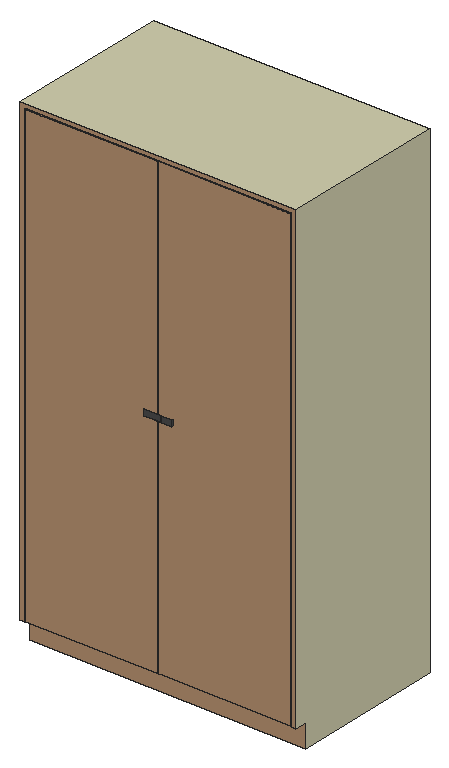
Revit family "Cabinet_Wenger_UltraStor_35", category Furniture, Revit 2015
Parameters (values of type "UltraStor Cabinet #35 - Comp Wood Doors")
  URL = "https://www.wengercorp.com/"
  Type Comments = ""
  Specification = "http://www.arcat.com/sdspecs/htm04/12_35_83wen.htm"
  Shelf Thickness = 0' - 1 1/8"
  Sales Information = "https://www.wengercorp.com/contact-us.php"
  Revision = "R1_2018-04"
  Rear Panel Thickness = 0' - 0 3/4"
  Product Data = "http://www.arcat.com/arcatcos/cos36/arc36487.html"
  Manufacturer Website = "https://www.wengercorp.com/"
  Manufacturer Phone - Toll Free = "800-4WENGER"
  Manufacturer Phone = "(507) 455-4100"
  Manufacturer Fax = "(507) 455-4258"
  Manufacturer Address = "555 Park Dr., Owatonna, MN 55060"
  Keynote = "12 35 83"
  HasDoors = yes
  Green Building-LEED = "http://www.arcat.com/green/clients/leed_data_36487.html"
  Drawn By = "Sumex Design, Inc. / Robert S. Weygant, CSI, CDT, SCIP"
  Door Width = (Cabinet Width - 0' 1 1/2") / 2  # 1' - 11 1/2"
  Door Style = Door_FullHt : Solid Door
  Door Material [instance] = Wenger Cherry (Use Cherry Edge Band Only)
  Door Height = (Cabinet Height - 0' 4 3/4")  # 6' - 8 7/8"
  Toe Kick Material [instance] = Wenger Cherry (Use Cherry Edge Band Only)
  RH End Panel [instance] = no
  Model = "#35"
  Manufacturer = "Wenger Corporation"
  LH End Panel [instance] = no
  End Panel Material [instance] = Wenger Cherry (Use Cherry Edge Band Only)
  Edge Banding Material [instance] = Wenger Cherry (Use Cherry Edge Band Only)
  Cost = 0
  Copyright = "© 2018 Arcat Inc."
  Construction Details = "http://www.arcat.com/details/wengerco/wengerco.html?coid=36487"
  Body Material [instance] = Wenger - Oyster
  Description = "Wenger UltraStor Cabinet #35 - Comp Wood Doors"
  Cabinet Width = 4' - 0 1/2"
  Cabinet Height = 7' - 1 5/8"
  Installed Depth = 2' - 5 1/4"
  Cabinet Panel Thickness = 0' - 0 3/4"
  Assembly Code = "E2010200"
Types (4): name | Shelf Thickness | HasDoors | Door Style | Door Material | Description
  UltraStor Cabinet #35 - Comp Grille Doors | 0' - 1 1/8" | yes | Door_FullHt : Bars | Painted Black | "Wenger UltraStor Cabinet #35 - Comp Grille Doors"
  UltraStor Cabinet #35 - Comp Wood Doors | 0' - 1 1/8" | yes | Door_FullHt : Solid Door | Wenger Cherry (Use Cherry Edge Band Only) | "Wenger UltraStor Cabinet #35 - Comp Wood Doors"
  UltraStor Cabinet #35 - Comp Waterfall Grille Doors | 2' - 7.225" | yes | Door_FullHt : Waterfall | Painted Black | "Wenger UltraStor Cabinet #35 - Comp Waterfall Grille Doors"
  UltraStor Cabinet #35 - No Doors | 2' - 7.225" | no | Door_FullHt : Solid Door | none | "Wenger UltraStor Cabinet #35 - No Doors"
Reference planes (in)
  plane 1 "Front": y = 0
  plane 2: z = 0
  plane 3 "Left": x = 0
  plane 4 "Right": x = 48.5
  plane 5 "Back": y = 29.25
  plane 6 "Top": z = 85.625
  plane 7: z = 4
  plane 8: x = 0.75
  plane 9: x = 47.75
  plane 10: z = 84.875
  plane 11: x = 24.25
  plane 12: y = 28.5
  plane 13: y = 2
  plane 14: y = 0.75
  plane 15: z = 5.125
Forms (in)
  Extrusion 1, solid, material "Wenger - Oyster" <- "Body Material"
    sketch origin (0, 0, 0) x (0, 1, 0) y (0, 0, 1)
      loop
        line (0, 85.625) -> (0, 4) -> (2, 4) -> (2, 0) -> (29.25, 0) -> (29.25, 85.625) -> (0, 85.625)
    from 0 to 48.5
  Extrusion 2, void
    sketch origin (0, 0, 0) x (0, 1, 0) y (0, 0, 1)
      loop
        line (0, 84.875) -> (0, 4) -> (0.0625, 4) -> (0.0625, 84.875) -> (0, 84.875)
    from 0.75 to 47.75
  Extrusion 3, void
    sketch origin (0, 0, 0) x (1, 0, 0) y (0, 0, 1)
      loop
        line (0.75, 84.875) -> (0.75, 4) -> (47.75, 4) -> (47.75, 84.875) -> (0.75, 84.875)
    from -28.5 to 0
  Extrusion 4, solid, material "Metal_Black", detail levels fine
    sketch origin (0, 0, 0) x (0, 1, 0) y (0, 0, 1)
      loop
        line (14.09046, 80.875) -> (14.09046, 82.125) -> (13.46546, 82.125) -> (13.24646, 81.74568) -> (13.31074, 81.70857) -> (13.50831, 82.05078) -> (14.01624, 82.05078) -> (14.01624, 80.875) -> (14.09046, 80.875)
      loop
        line (14.09046, 44.875) -> (14.09046, 46.125) -> (13.46546, 46.125) -> (13.24646, 45.74568) -> (13.31074, 45.70857) -> (13.50831, 46.05078) -> (14.01624, 46.05078) -> (14.01624, 44.875) -> (14.09046, 44.875)
    from 0.75 to 47.75
Cuts and joins
  Extrusion 2, Extrusion 3 cuts Extrusion 1
Lines and regions (in)
  Masking region 1
    outline origin (0, 0, 0) x (1, 0, 0) y (0, 1, 0)
      loop
        line (0, 29.25) -> (0, 0) -> (48.5, 0) -> (48.5, 29.25) -> (0, 29.25)
Dimensions and locks (in)
  "Cabinet Panel Thickness": plane 3 "Left" to plane 8
  "Cabinet Panel Thickness": plane 9 to plane 4 "Right"
  "Cabinet Panel Thickness": plane 5 "Back" to plane 12
  locked: plane 1 "Front" to plane 14 at 0.75
  locked: plane 1 "Front" to plane 13 at 2
  "Cabinet Panel Thickness": plane 6 "Top" to plane 10
  "Shelf Thickness": plane 15 to plane 7
  "Cabinet Width": plane 3 "Left" to plane 4 "Right"
  locked: plane 7 to level at 4
  "Cabinet Height": plane 6 "Top" to level
  "Installed Depth": plane 1 "Front" to plane 5 "Back"
  plane 3 "Left" to plane 4 "Right" = 4' - 0 1/2"
  equal spacing: plane 5 "Back", nested 2, plane 1 "Front"
  locked: plane 11 to nested 2
  equal spacing: plane 4 "Right", plane 11, plane 3 "Left"
  aligned and locked: Extrusion 1 sketch curve to plane 6 "Top"
  aligned and locked: Extrusion 1 sketch curve to plane 5 "Back"
  aligned and locked: Extrusion 1 sketch curve to plane 1 "Front"
  aligned and locked: Extrusion 1 sketch curve to plane 7
  aligned and locked: Extrusion 1 sketch curve to plane 13
  aligned and locked: Extrusion 1 sketch curve to level
  aligned and locked: Extrusion 1 to plane 4 "Right"
  aligned and locked: Extrusion 1 to plane 3 "Left"
  aligned and locked: Extrusion 2 sketch curve to cut or joined group of Extrusion 1, Extrusion 2, Extrusion 3  (x2)
  aligned and locked: Extrusion 2 to plane 9
  aligned and locked: Extrusion 2 to plane 8
  aligned and locked: nested 3 to plane 8
  aligned and locked: plane 7 to cut or joined group of Extrusion 1, Extrusion 2, Extrusion 3
  aligned and locked: nested 3 to plane 7
  aligned and locked: plane 1 "Front" to nested 4
  aligned and locked: nested 4 to level
  aligned and locked: nested 4 to plane 4 "Right"
  aligned and locked: Masking region 1 sketch curve to plane 5 "Back"
  aligned and locked: Masking region 1 sketch curve to plane 1 "Front"
  aligned and locked: plane 3 "Left" to Masking region 1 sketch curve
  aligned and locked: plane 4 "Right" to Masking region 1 sketch curve
  aligned and locked: plane 12 to Extrusion 3
  aligned and locked: plane 1 "Front" to Extrusion 3
  aligned and locked: Extrusion 4 to plane 9
  aligned and locked: Extrusion 4 to plane 8
  aligned and locked: Extrusion 3 sketch curve to plane 10
  aligned and locked: Extrusion 3 sketch curve to plane 7
  aligned and locked: nested 5 to plane 9
  aligned and locked: nested 5 to plane 7
Automatic sketch dimensions
  plane 14 to Extrusion 2 sketch curve = 0' - 0 11/16"
  Extrusion 2 sketch curve to plane 10 = 0' - 0"
  Extrusion 3 sketch curve to plane 8 = 0' - 0"
  plane 9 to Extrusion 3 sketch curve = 0' - 0"
  Extrusion 4 sketch curve to plane 13 = 0' - 11.24646"  (x2)
  Extrusion 4 sketch curve to plane 10 = 0' - 3.12932"
  Extrusion 4 sketch curve to plane 10 = 0' - 3.16643"
  Extrusion 4 sketch curve to Extrusion 4 sketch curve = 0' - 0.06428"  (x2)
  Extrusion 4 sketch curve to Extrusion 4 sketch curve = 0' - 0.219"  (x2)
  Extrusion 4 sketch curve to plane 10 = 0' - 2 211/256"
  Extrusion 4 sketch curve to Extrusion 4 sketch curve = 0' - 0.04285"
  Extrusion 4 sketch curve to Extrusion 4 sketch curve = 0' - 0.50793"  (x2)
  Extrusion 4 sketch curve to Extrusion 4 sketch curve = 0' - 0 19/256"  (x2)
  Extrusion 4 sketch curve to Extrusion 4 sketch curve = 0' - 0.83357"  (x2)
  Extrusion 4 sketch curve to Extrusion 4 sketch curve = 0' - 0.3051"
  Extrusion 4 sketch curve to Extrusion 4 sketch curve = 2' - 10 3/4"
Nested families (in)
  nested 1: "End Panel" at (0, 14.25, 0) x (0, -1, 0) z (0, 0, 1), End Panel Material <- "End Panel Material", visible <- "LH End Panel", Edge Banding Material <- "Edge Banding Material", type "End Panel"
    with End Panel Material Wenger Cherry (Use Cherry Edge Band Only), Edge Banding Material Wenger Cherry (Use Cherry Edge Band Only), End Panel Depth 2' - 5 1/4"
  nested 2: "Labels" at (24.25, 14.625, 0), type "Labels"
  nested 3: "Door_FullHt" at (12.5, 0, 4) x (1, 0, 0) z (0, -1, 0), type <- "Door Style", visible <- "HasDoors", Width <- "Door Width", Height <- "Door Height", type "Solid Door", detail levels medium+fine
    with vBars 22, Width 1' - 11 1/2", ToeKick Height 0' - 4", MidBar no, Height 6' - 8 7/8", HalfHt 3' - 4 3/16", BarHt 6' - 8 3/8", 2HzBars no, Thickness 0' - 0 3/4"
  nested 4: "End Panel" at (49.25, 14.25, 0) x (0, -1, 0) z (0, 0, 1), End Panel Material <- "End Panel Material", Edge Banding Material <- "Edge Banding Material", visible <- "RH End Panel", type "End Panel"
    with End Panel Material Wenger Cherry (Use Cherry Edge Band Only), Edge Banding Material Wenger Cherry (Use Cherry Edge Band Only), End Panel Depth 2' - 5 1/4"
  nested 5: "Door_FullHt" at (36, 0, 84.875) x (-1, 0, 0) z (0, -1, 0), Width <- "Door Width", Height <- "Door Height", type <- "Door Style", visible <- "HasDoors", type "Solid Door"
    with vBars 22, Width 1' - 11 1/2", ToeKick Height 0' - 4", MidBar no, Height 6' - 8 7/8", HalfHt 3' - 4 3/16", BarHt 6' - 8 3/8", 2HzBars no, Thickness 0' - 0 3/4"
Definition of nested family "End Panel"
  Parameters (values of type "End Panel")
    End Panel Material [instance] = none
    End Panel Height = 7' - 1 5/8"
    End Panel Depth = 1' - 9 3/4"
    Edge Banding Material [instance] = none
    Default Elevation = 4' - 0"
    Assembly Code = ""
  Reference planes (in)
    plane 1 "Center (Front/Back)": y = 0
    plane 2: z = 0
    plane 3 "Center (Left/Right)": x = 0
    plane 4: x = -15
    plane 5: x = 6.75
    plane 6: z = 4
    plane 7: x = 4.75
    plane 8: z = 85.625
    plane 9: y = -0.75
  Forms (in)
    Extrusion 1, solid, material <- "End Panel Material"
      sketch origin (0, 0, 0) x (1, 0, 0) y (0, 0, 1)
        loop
          line (-15, 85.625) -> (-15, 0) -> (4.75, 0) -> (4.75, 4) -> (6.75, 4) -> (6.75, 85.625) -> (-15, 85.625)
      from 0 to 0.75
  Lines and regions (in)
    Masking region 1, detail levels coarse+medium
      outline origin (0, 0, 0) x (1, 0, 0) y (0, 1, 0)
        loop
          line (-15, 0) -> (-15, -0.75) -> (6.75, -0.75) -> (6.75, 0) -> (-15, 0)
  Dimensions and locks (in)
    locked: plane 7 to plane 5 at 2
    locked: plane 6 to level at 4
    "End Panel Height": plane 8 to level
    "End Panel Depth": plane 5 to plane 4
    locked: plane 9 to plane 1 "Center (Front/Back)" at 0.75
    aligned and locked: plane 4 to Extrusion 1 sketch curve
    aligned and locked: level to Extrusion 1 sketch curve
    aligned and locked: plane 7 to Extrusion 1 sketch curve
    aligned and locked: plane 6 to Extrusion 1 sketch curve
    aligned and locked: Extrusion 1 sketch curve to plane 5
    aligned and locked: Extrusion 1 sketch curve to plane 8
    aligned and locked: Extrusion 1 to plane 9
    aligned and locked: Extrusion 1 to plane 1 "Center (Front/Back)"
    aligned and locked: plane 4 to Masking region 1 sketch curve
    aligned and locked: Masking region 1 sketch curve to plane 5
    aligned and locked: plane 1 "Center (Front/Back)" to Masking region 1 sketch curve
    aligned and locked: plane 9 to Masking region 1 sketch curve
Definition of nested family "Door_FullHt"
  Parameters (values of type "Solid Door")
    vBars [instance] = (Width - 0' 2") / 0' 1"  # 6
    Width [instance] = 0' - 8"
    ToeKick Height [instance] = 0' - 4"
    Thickness = 0' - 0 1/4"
    Solid Door = yes
    Shelf Thickness = 0' - 0 3/4"
    Panel Thickness = 0' - 0 3/4"
    MidBar [instance] = and(Height > 3' 6", HasDoor, not(Solid Door))  # no
    Height [instance] = 8' - 0"
    HasDoor = yes
    HalfHt [instance] = Height / 2 - 0' 0 1/4"  # 3' - 11 3/4"
    Edge Banding = none
    DoorGap = 0' - 0 1/8"
    Door Finish = none
    Depth = 2' - 0"
    Default Elevation = 4' - 0"
    Bars = no
    BarStyle = Bars : Straight
    BarHt [instance] = Height - 0' 0 1/2"  # 7' - 11 1/2"
    2HzBars [instance] = and(Height > 1' 6", not(Solid Door))  # no
  Types (3): name | Thickness | Solid Door | MidBar | Height | HalfHt | Bars | BarStyle | BarHt | 2HzBars
    Solid Door | 0' - 0 1/4" | yes | no | 8' - 0" | 3' - 11 3/4" | no | Bars : Straight | 7' - 11 1/2" | no
    Bars | 0' - 0 1/4" | no | yes | 8' - 0" | 3' - 11 3/4" | yes | Bars : Straight | 7' - 11 1/2" | yes
    Waterfall | 0' - 0 3/4" | no | yes | 6' - 0" | 2' - 11 3/4" | yes | Bars : Waterfall | 5' - 11 1/2" | yes
  Reference planes (in)
    plane 1 "Center (Front/Back)": y = 0
    plane 2: z = 0
    plane 3 "Center (Left/Right)": x = 0
    plane 4: x = -4
    plane 5: y = 96
    plane 6: x = 4
    plane 7: z = -0.25
    plane 8: x = -3.875
    plane 9: x = 3.875
    plane 10: y = 0.125
    plane 11: y = 95.875
    plane 12: y = -0.75
    plane 13 "CL Elev": y = 48
    plane 14: x = -3.75
    plane 15: x = 3.75
    plane 16 "BtmRail": y = 0.25
    plane 17: y = 95.75
    plane 18: z = -0.125
    plane 19: x = -2.75
    plane 20: x = 2.75
    plane 21: y = 72
    plane 22: y = 24
  Forms (in)
    Extrusion 1, solid, material <- "Door Finish", visible <- "Solid Door", detail levels medium+fine
      sketch origin (0, 0, 0) x (1, 0, 0) y (0, 1, 0)
        loop
          arc (-3.75, 95.875) -> (-3.83839, 95.83839) -> (-3.875, 95.75) r 0.125
          line (-3.875, 95.75) -> (-3.875, 0.25)
          arc (-3.875, 0.25) -> (-3.83839, 0.16161) -> (-3.75, 0.125) r 0.125
          line (-3.75, 0.125) -> (3.75, 0.125)
          arc (3.75, 0.125) -> (3.83839, 0.16161) -> (3.875, 0.25) r 0.125
          line (3.875, 0.25) -> (3.875, 95.75)
          arc (3.875, 95.75) -> (3.83839, 95.83839) -> (3.75, 95.875) r 0.125
          line (3.75, 95.875) -> (-3.75, 95.875)
      from 0 to -0.25
    Sweep 2, solid, material <- "Door Finish", visible <- "Bars", detail levels medium+fine
      path origin (0, 0, 0) x (1, 0, 0) y (0, 1, 0)
        loop
          arc (-3.125, 95.875) -> (-3.65533, 95.65533) -> (-3.875, 95.125) r 0.75
          line (-3.875, 95.125) -> (-3.875, 0.875)
          arc (-3.875, 0.875) -> (-3.65533, 0.34467) -> (-3.125, 0.125) r 0.75
          line (-3.125, 0.125) -> (3.125, 0.125)
          arc (3.125, 0.125) -> (3.65533, 0.34467) -> (3.875, 0.875) r 0.75
          line (3.875, 0.875) -> (3.875, 95.125)
          arc (3.875, 95.125) -> (3.65533, 95.65533) -> (3.125, 95.875) r 0.75
          line (3.125, 95.875) -> (-3.125, 95.875)
      profile origin (0, 95.875, 0) x (0, 1, 0) y (0, 0, 1)
        loop
          circle (-0.125, -0.125) r 0.125
    Extrusion 3, solid, material <- "Door Finish", visible <- "MidBar", detail levels medium+fine
      sketch origin (0, 0, 0) x (0, 1, 0) y (0, 0, 1)
        loop
          circle (48, -0.125) r 0.125
      from -3.75 to 3.75
    Extrusion 4, solid, visible <- "HasDoor", detail levels fine
      sketch origin (0, 0, 0) x (1, 0, 0) y (0, 1, 0)
        loop
          line (1.5, 48.5) -> (1.5, 47.5) -> (4.5, 47.5) -> (4.5, 48.5) -> (1.5, 48.5)
      from 0 to 0.125
    Extrusion 5, solid, material <- "Door Finish", visible <- "2HzBars", detail levels medium+fine
      sketch origin (0, 0, 0) x (0, 1, 0) y (0, 0, 1)
        loop
          circle (72, -0.125) r 0.125
        loop
          circle (24, -0.125) r 0.125
      from -3.75 to 3.75
  Lines and regions (in)
    symbolic lines, visible <- "HasDoor", detail levels medium+fine
      curve 1: line (4, 0.25, 0) -> (-4, 0.25, 0)
      curve 2: line (-4, 0.25, 0) -> (-4, 0.25, 8)
      curve 3: arc (4, 0.25, 0) -> (1.65685, 0.25, 5.65685) -> (-4, 0.25, 8) r 8
    symbolic lines, visible <- "HasDoor"
      curve 4: line (3.875, 0.25, 0) -> (3.875, 0.25, -0.25)
      curve 5: line (3.875, 0.25, -0.25) -> (-3.875, 0.25, -0.25)
      curve 6: line (-3.875, 0.25, -0.25) -> (-3.875, 0.25, 0)
    symbolic lines, detail levels medium
      curve 7: line (3.875, 95.875, 0) -> (-3.875, 48, 0)
      curve 8: line (-3.875, 48, 0) -> (3.875, 0.125, 0)
  Dimensions and locks (in)
    "Height": plane 1 "Center (Front/Back)" to plane 5
    "Thickness": level to plane 7
    equal spacing: plane 4, plane 3 "Center (Left/Right)", plane 6
    "Width": plane 4 to plane 6
    "DoorGap": plane 5 to plane 11
    "DoorGap": plane 9 to plane 6
    "DoorGap": plane 4 to plane 8
    "DoorGap": plane 1 "Center (Front/Back)" to plane 10
    "Shelf Thickness": plane 1 "Center (Front/Back)" to plane 12
    equal spacing: plane 1 "Center (Front/Back)", plane 22, plane 13 "CL Elev", plane 21, plane 5
    locked: plane 15 to plane 9 at 0.125
    locked: plane 8 to plane 14 at 0.125
    locked: plane 11 to plane 17 at 0.125
    locked: plane 16 "BtmRail" to plane 10 at 0.125
    locked: level to plane 18 at 0.125
    plane 19 to plane 14 = 0' - 1"
    locked: plane 15 to plane 20 at 1
    Extrusion 4 sketch curve to plane 13 "CL Elev" to Extrusion 4 sketch curve = 0' - 0 1/2" locked, 0' - 0 1/2" locked
    locked: plane 6 to Extrusion 4 sketch curve at 0.5
    locked: Extrusion 4 sketch curve to plane 6 at 2.5
    locked: Extrusion 4 to level at 0.125
    equal spacing: group 1, group 3, group 4, group 5, group 6, group 2  (x3)
    equal spacing: group 7, group 9, group 10, group 11, group 12, group 8  (x2)
    equal spacing: group 8, group 12, group 11, group 10, group 9, group 7
    "Width": radius of curve 3
    aligned and locked: plane 2 to level
    aligned and locked: Extrusion 1 sketch curve to plane 11
    aligned and locked: plane 8 to Extrusion 1 sketch curve
    aligned and locked: Extrusion 1 sketch curve to plane 9
    aligned and locked: plane 10 to Extrusion 1 sketch curve
    aligned and locked: Extrusion 1 to plane 7
    aligned and locked: level to Extrusion 1
    aligned and locked: Sweep 2 sketch curve to plane 11
    aligned and locked: plane 8 to Sweep 2 sketch curve
    aligned and locked: plane 10 to Sweep 2 sketch curve
    aligned and locked: Sweep 2 sketch curve to plane 9
    aligned and locked: plane 15 to Extrusion 3
    aligned and locked: Extrusion 3 to plane 14
    aligned and locked: plane 20 to nested 2
    aligned and locked: plane 19 to nested 1
    aligned and locked: plane 21 to Extrusion 5 sketch curve
    aligned and locked: plane 18 to Extrusion 5 sketch curve  (x2)
    aligned and locked: plane 22 to Extrusion 5 sketch curve
    aligned and locked: Extrusion 5 to Extrusion 3  (x2)
    aligned and locked: plane 4 to curve 3  (x2)
    aligned and locked: level to curve 3
    aligned and locked: plane 7 to curve 5
    aligned and locked: Extrusion 1 to plane 8
    aligned and locked: plane 9 to Extrusion 1
    aligned and locked: plane 10 to curve 8
    aligned and locked: plane 9 to curve 8
    aligned and locked: plane 13 "CL Elev" to curve 8
    aligned and locked: plane 11 to curve 7
    aligned and locked: plane 9 to curve 7
    aligned and locked: plane 19 to nested 7
    aligned and locked: plane 13 "CL Elev" to nested 7
    aligned and locked: plane 20 to nested 8
    aligned and locked: plane 13 "CL Elev" to nested 8
    aligned and locked: plane 18 to nested 7
    aligned and locked: plane 18 to nested 9
  Automatic sketch dimensions
    plane 8 to Sweep 2 sketch curve = 0' - 0 3/4"  (x2)
    Sweep 2 sketch curve to plane 9 = 0' - 0 3/4"
    Sweep 2 sketch curve to Sweep 2 sketch curve = 0' - 0 3/4"
    Sweep 2 sketch curve to level = 0' - 0 1/8"
    profile plane to Sweep 2 sketch curve = 0' - 0 1/8"
    Extrusion 3 sketch curve to level = 0' - 0 1/8"
    Extrusion 3 sketch curve to plane 13 "CL Elev" = 0' - 0"
    curve 8 to plane 8 = 0' - 0"
    Extrusion 1 sketch curve to plane 14 = 0' - 0"  (x2)
    Extrusion 1 sketch curve to plane 15 = 0' - 0"  (x2)
    curve 5 to plane 9 = 0' - 0"
    curve 6 to plane 8 = 0' - 0"
    radius of Sweep 2 sketch curve = 0' - 0 1/8"
    radius of Extrusion 3 sketch curve = 0' - 0 1/8"
    radius of Extrusion 5 sketch curve = 0' - 0 1/8"  (x2)
  Nested families (in)
    nested 1: "Bars" at (-2.75, 0.25, -0.125) x (1, 0, 0) z (0, 1, 0), type <- "BarStyle", visible <- "Bars", type "Straight", detail levels fine
      with Lateral Deviation 0' - 1", Height 3' - 11 3/4"
    nested 2: "Bars" at (2.75, 0.25, -0.125) x (1, 0, 0) z (0, 1, 0), type <- "BarStyle", visible <- "Bars", type "Straight", detail levels fine
      with Lateral Deviation 0' - 1", Height 3' - 11 3/4"
    nested 3: "Bars" at (-1.65, 0.25, -0.125) x (1, 0, 0) z (0, 1, 0), type <- "BarStyle", visible <- "Bars", type "Straight", detail levels fine
      with Lateral Deviation 0' - 1", Height 3' - 11 3/4"
    nested 4: "Bars" at (-0.55, 0.25, -0.125) x (1, 0, 0) z (0, 1, 0), type <- "BarStyle", visible <- "Bars", type "Straight", detail levels fine
      with Lateral Deviation 0' - 1", Height 3' - 11 3/4"
    nested 5: "Bars" at (0.55, 0.25, -0.125) x (1, 0, 0) z (0, 1, 0), type <- "BarStyle", visible <- "Bars", type "Straight", detail levels fine
      with Lateral Deviation 0' - 1", Height 3' - 11 3/4"
    nested 6: "Bars" at (1.65, 0.25, -0.125) x (1, 0, 0) z (0, 1, 0), type <- "BarStyle", visible <- "Bars", type "Straight", detail levels fine
      with Lateral Deviation 0' - 1", Height 3' - 11 3/4"
    nested 7: "Bars" at (-2.75, 48, -0.125) x (1, 0, 0) z (0, 1, 0), type <- "BarStyle", visible <- "Bars", type "Straight", detail levels fine
      with Lateral Deviation 0' - 1", Height 3' - 11 3/4"
    nested 8: "Bars" at (2.75, 48, -0.125) x (1, 0, 0) z (0, 1, 0), type <- "BarStyle", visible <- "Bars", type "Straight", detail levels fine
      with Lateral Deviation 0' - 1", Height 3' - 11 3/4"
    nested 9: "Bars" at (-1.65, 48, -0.125) x (1, 0, 0) z (0, 1, 0), type <- "BarStyle", visible <- "Bars", type "Straight", detail levels fine
      with Lateral Deviation 0' - 1", Height 3' - 11 3/4"
    nested 10: "Bars" at (-0.55, 48, -0.125) x (1, 0, 0) z (0, 1, 0), type <- "BarStyle", visible <- "Bars", type "Straight", detail levels fine
      with Lateral Deviation 0' - 1", Height 3' - 11 3/4"
    nested 11: "Bars" at (0.55, 48, -0.125) x (1, 0, 0) z (0, 1, 0), type <- "BarStyle", visible <- "Bars", type "Straight", detail levels fine
      with Lateral Deviation 0' - 1", Height 3' - 11 3/4"
    nested 12: "Bars" at (1.65, 48, -0.125) x (1, 0, 0) z (0, 1, 0), type <- "BarStyle", visible <- "Bars", type "Straight", detail levels fine
      with Lateral Deviation 0' - 1", Height 3' - 11 3/4"
  Definition of nested family "Bars"
    Parameters (values of type "Straight")
      WaterFall = no
      Straight = yes
      Lateral Deviation = 0' - 1 1/2"
      Height = 1' - 2 5/8"
      Default Elevation = 4' - 0"
      Bars = none
    Types (3): name | WaterFall | Straight
      (no name) | no | yes
      Waterfall | yes | no
      Straight | no | yes
    Reference planes (in)
      plane 1 "Center (Front/Back)": y = 0
      plane 2: z = 0
      plane 3 "Center (Left/Right)": x = 0
      plane 4: z = 14.625
      plane 5: z = 7.3125
      plane 6: x = 0.75
      plane 7: x = -0.75
      plane 8: z = 10.96875
      plane 9: z = 3.65625
    Forms (in)
      Sweep 1, solid, material <- "Bars", visible <- "WaterFall"
        path origin (0, 0, 0) x (1, 0, 0) y (0, 0, 1)
          loop
            arc (0, 0) -> (0.56057, 1.79006) -> (0.75, 3.65625) r 9.28711
            arc (0.75, 3.65625) -> (0.56057, 5.52244) -> (0, 7.3125) r 9.28711
        profile origin (0.56057, 0, 1.79006) x (-0.979603, 0, 0.200944) y (0, -1, 0)
          loop
            circle (0, 0) r 0.0625
      Sweep 2, solid, material <- "Bars", visible <- "WaterFall"
        path origin (0, 0, 14.625) x (-1, 0, 0) y (0, 0, -1)
          loop
            arc (0, 0) -> (0.56057, 1.79006) -> (0.75, 3.65625) r 9.28711
            arc (0.75, 3.65625) -> (0.56057, 5.52244) -> (0, 7.3125) r 9.28711
        profile origin (-0.56057, 0, 12.83494) x (0.979603, 0, -0.200944) y (0, -1, 0)
          loop
            circle (0, 0) r 0.0625
      Extrusion 3, solid, material <- "Bars", visible <- "Straight"
        sketch origin (0, 0, 0) x (1, 0, 0) y (0, 1, 0)
          loop
            circle (0, 0) r 0.0625
        from 0 to 14.625
    Dimensions and locks (in)
      "Height": plane 4 to level
      equal spacing: plane 6, plane 3 "Center (Left/Right)", plane 7
      "Lateral Deviation": plane 6 to plane 7
      equal spacing: plane 4, plane 8, plane 5, plane 9, level
      aligned and locked: plane 2 to level
      aligned and locked: plane 3 "Center (Left/Right)" to Sweep 1 sketch curve  (x2)
      aligned and locked: level to Sweep 1 sketch curve
      aligned and locked: plane 6 to Sweep 1 sketch curve
      aligned and locked: plane 9 to Sweep 1 sketch curve
      aligned and locked: plane 4 to Sweep 2 sketch curve
      aligned and locked: plane 3 "Center (Left/Right)" to Sweep 2 sketch curve  (x2)
      aligned and locked: plane 8 to Sweep 2 sketch curve
      aligned and locked: plane 7 to Sweep 2 sketch curve
      aligned and locked: plane 5 to Sweep 2 sketch curve
      aligned and locked: plane 4 to Extrusion 3
      aligned and locked: Extrusion 3 to level
    Automatic sketch dimensions
      plane 1 "Center (Front/Back)" to Sweep 1 sketch curve = 0' - 0"
      Sweep 1 sketch curve to profile plane = 0' - 0"
      Sweep 1 sketch curve to Sweep 1 sketch curve = 0' - 0"
      Sweep 2 sketch curve to plane 1 "Center (Front/Back)" = 0' - 0"
      Sweep 2 sketch curve to profile plane = 0' - 0"
      plane 1 "Center (Front/Back)" to Extrusion 3 sketch curve = 0' - 0"
      Extrusion 3 sketch curve to plane 3 "Center (Left/Right)" = 0' - 0"
      radius of Sweep 1 sketch curve = 0' - 0 1/16"
      radius of Sweep 2 sketch curve = 0' - 0 1/16"
      radius of Extrusion 3 sketch curve = 0' - 0 1/16"
Definition of nested family "Labels"
  Parameters
    Cabinet Label = "01"
  Reference planes (in)
    plane 1: y = 0
    plane 2: x = 0
  Text (in)
    label "xxxx" at (-0.00018, 0.00754, 0), shows "Cabinet Label"
